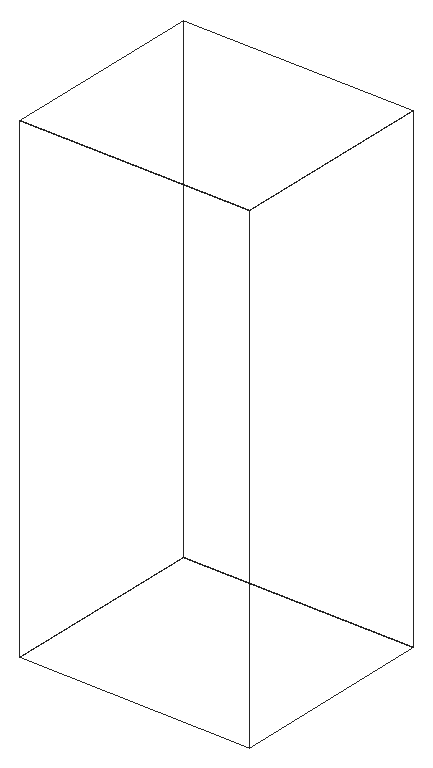
Revit family "FP-Revit20-en-RF505BRNQX1-RefrigeratorFreezer-900006117A-UK-IE-SG", category Specialty Equipment, Revit 2020
Family settings
  Round Connector Dimension = Use Diameter
  Part Type = Normal
  Work Plane-Based = No
  Always vertical = No
  Cut with Voids When Loaded = No
  Shared = No
  Room Calculation Point = No
Parameters (values of type "RF505BRNQX1")
  Water Dispenser Material = Fisher & Paykel - Black, Matte
  Vent Clearance - See planning Guide for options = 50 mm  # constant formula
  URL = "www.fisherpaykel.com"
  Product Width = 790 mm  # constant formula
  Product Height = 1726 mm  # constant formula
  Product Depth = 707 mm  # constant formula
  Model = "RF505BRNQX1\r\nRF505BRNX1, RF505BRNB1, RF505BRNQX1\r\nRF505BRNX1, RF505BRNB1, RF505BRNQX1"
  Manufacturer = "Fisher & Paykel"
  Handle Material = Fisher & Paykel - Grey, Charcoal
  Electrical Specifications = "Supply: 220V - 240V, 50Hz, Service: 10A circuit"
  Door Material [instance] = Fisher & Paykel - Stainless Steel
  Description = "Refrigerator Freezer"
  Default Elevation = 0 mm
  Clearance to sides = 20 mm  # constant formula
  Clearance to back = 30 mm  # constant formula
  Clearance = Fisher & Paykel - Clearance Required (Non-Combustible)
Reference planes
  plane 1 "Center (Front/Back)": y = 0
  plane 2: z = 0
  plane 3 "Center (Left/Right)": x = 0
  plane 4 "Left Clearance": x = -414.5
  plane 5 "Right Clearance": x = 414.5
  plane 6 "Clearance to back": y = 738
  plane 7 "Minimum door clearance": z = 1736
  plane 8 "Vent clearance": z = 1786
Forms (mm)
  Extrusion 1, solid, material "Fisher & Paykel - Clearance Required (Non-Combustible)" <- "Clearance", detail levels coarse+medium
    sketch origin (-0.07, -0.08, 0) x (0, 1, 0) y (0, 0, 1)
      loop
        line (-373.82, 579.862) -> (-374.92, 578.762) -> (-374.92, 38) -> (-310.6, 38) -> (65.08, 38) -> (65.08, 616.49) -> (-342.752, 616.49) -> (-343.656, 615.585) -> (-346.801, 582.868) -> (-347.806, 581.862) -> (-367.225, 581.862) -> (-368.068, 582.706) -> (-370.015, 594.985) -> (-371.03, 596) -> (-372.9, 596) -> (-373.82, 595) -> (-373.82, 579.862)
    from -394.93 to 395.07
  Extrusion 2, solid, material "Fisher & Paykel - Clearance Required (Non-Combustible)", detail levels coarse+medium
    sketch origin (653.135, -224.814, 0) x (0.642788, -0.766044, 0) y (0.766044, 0.642788, 0)
      loop
        line (-393.115, 0) -> (-904.131, -609.005)
        arc (-904.131, -609.005) -> (-88.881, -734.484) -> (398.86, -69.289) r 795
        line (398.86, -69.289) -> (-393.115, 0)
    from 632.1 to 1726
  Extrusion 3, void
    sketch origin (0, 0, 0) x (1, 0, 0) y (0, 1, 0)
      loop
        line (-414.5, 738) -> (-414.5, 79) -> (414.5, 79) -> (414.5, 738) -> (-414.5, 738)
    from 0 to 1736
  Extrusion 4, void
    sketch origin (0, 0, 0) x (0, 1, 0) y (0, 0, 1)
      loop
        line (738, 1736) -> (738, 1786) -> (0, 1786) -> (0, 1736) -> (738, 1736)
    from -414.5 to 414.5
  Extrusion 5, solid, material "Fisher & Paykel - Clearance Required"
    sketch origin (0, 0, 0) x (1, 0, 0) y (0, 1, 0)
      loop
        line (-414.5, 738) -> (-414.5, 0) -> (414.5, 0) -> (414.5, 738) -> (-414.5, 738)
    from 0 to 1736
Dimensions and locks
  "Clearance to sides": plane 4 "Left Clearance" to nested 1
  "Clearance to sides": nested 1 to plane 5 "Right Clearance"
  "Clearance to back": plane 6 "Clearance to back" to nested 1
  nested 1 to plane 3 "Center (Left/Right)" to nested 1 = 394.5 mm locked, 394.5 mm locked
  locked: nested 1 to plane 1 "Center (Front/Back)" at 708
  free form element to nested 1 to free form element = 395 mm locked, 395 mm locked
  nested 1 to level = 1692.5 mm
  free form element to free form element to level = 571.501 mm locked, 38.001 mm locked
  locked: Extrusion 1 sketch curve to Extrusion 1 sketch curve at 440
  locked: Extrusion 1 sketch curve to Extrusion 1 sketch curve at 578.49
  locked: Extrusion 1 sketch curve to Extrusion 1 sketch curve at 1.1
  locked: Extrusion 1 sketch curve to Extrusion 1 sketch curve at 438.9
  locked: Extrusion 1 sketch curve to Extrusion 1 sketch curve at 17.238
  locked: Extrusion 1 sketch curve to Extrusion 1 sketch curve at 15.138
  equal spacing: Extrusion 1 sketch curve, Extrusion 1 sketch curve, level
  locked: Extrusion 3 sketch curve to Extrusion 3 sketch curve at 659
  "Vent Clearance - See planning Guide for options": Extrusion 4 sketch curve to Extrusion 3
  "Product Height": Extrusion 2 to level
  nested 1 to free form element = 708 mm
  "Product Width": Extrusion 1 to Extrusion 1
  "Product Height": free form element to level
  locked: Extrusion 1 sketch curve to Extrusion 1 sketch curve (angle 14.4987°)
  locked: Extrusion 1 sketch curve to Extrusion 1 sketch curve (angle 9.00877°)
  aligned and locked: level to plane 2
  aligned and locked: Extrusion 1 sketch curve to free form element
  aligned and locked: Extrusion 1 to free form element  (x2)
  aligned and locked: Extrusion 3 sketch curve to plane 6 "Clearance to back"
  aligned and locked: Extrusion 3 sketch curve to plane 4 "Left Clearance"
  aligned and locked: Extrusion 3 sketch curve to plane 5 "Right Clearance"
  aligned and locked: plane 5 "Right Clearance" to Extrusion 4
  aligned and locked: plane 4 "Left Clearance" to Extrusion 4
  aligned and locked: Extrusion 4 to Extrusion 3  (x2)
  aligned and locked: plane 6 "Clearance to back" to Extrusion 4
  aligned and locked: Extrusion 5 sketch curve to plane 1 "Center (Front/Back)"
  aligned and locked: Extrusion 5 to plane 7 "Minimum door clearance"
Automatic sketch dimensions
  Extrusion 1 sketch curve to Extrusion 1 sketch curve = 0.92 mm
  Extrusion 1 sketch curve to Extrusion 1 sketch curve = 1.87 mm
  Extrusion 1 sketch curve to Extrusion 1 sketch curve = 1.015 mm
  Extrusion 1 sketch curve to Extrusion 1 sketch curve = 5.752 mm
  Extrusion 1 sketch curve to Extrusion 1 sketch curve = 0.843 mm  (x2)
  Extrusion 1 sketch curve to Extrusion 1 sketch curve = 19.419 mm
  Extrusion 1 sketch curve to Extrusion 1 sketch curve = 1.005 mm  (x2)
  Extrusion 1 sketch curve to Extrusion 1 sketch curve = 3.145 mm
  Extrusion 1 sketch curve to Extrusion 1 sketch curve = 0.904 mm
  Extrusion 1 sketch curve to Extrusion 1 sketch curve = 64.319 mm
  Extrusion 1 sketch curve to Extrusion 1 sketch curve = 37.727 mm
  Extrusion 1 sketch curve to Extrusion 1 sketch curve = 1.1 mm
  Extrusion 1 sketch curve to Extrusion 1 sketch curve = 2 mm
  level to Extrusion 1 sketch curve = 38 mm
  Extrusion 2 sketch curve to plane 5 "Right Clearance" = 14.054 mm
  Extrusion 2 sketch curve to plane 1 "Center (Front/Back)" = 76.329 mm
  Extrusion 2 sketch curve to Extrusion 2 sketch curve = 511.016 mm
  Extrusion 2 sketch curve to Extrusion 2 sketch curve = 0 mm  (x3)
  Extrusion 2 sketch curve to Extrusion 2 sketch curve = 69.289 mm
  Extrusion 2 sketch curve to Extrusion 2 sketch curve = 609.005 mm
  Extrusion 4 sketch curve to plane 1 "Center (Front/Back)" = 0 mm
  Extrusion 4 sketch curve to plane 6 "Clearance to back" = 0 mm
  Extrusion 4 sketch curve to plane 7 "Minimum door clearance" = 0 mm
  Extrusion 5 sketch curve to plane 4 "Left Clearance" = 0 mm
  Extrusion 5 sketch curve to plane 5 "Right Clearance" = 0 mm
  Extrusion 5 sketch curve to plane 6 "Clearance to back" = 0 mm
Nested families
  nested 1: "PRT0001" at (0, 78, 25.15), type "PRT0001"
Connectors
  electrical at (44, 669.681, 1708.825)
    settings: on nested 1, index 1, voltage 0 V, apparent load 0 VA, apparent load phase1 0 VA, apparent load phase2 0 VA, apparent load phase3 0 VA, power factor 1, load classification "Other", number of poles 1, system type 31, power factor state 1, is connector primary yes, connector utility no, sub classification motor no, connector description ""
Definition of nested family "PRT0001"
  Parameters (values of type "PRT0001")
    Default Elevation = 1219.2 mm
    Chassis Material [instance] = none
  Reference planes
    plane 1 "Center (Front/Back)": y = 0
    plane 2: z = 0
    plane 3 "Center (Left/Right)": x = 0
  Dimensions and locks
    aligned and locked: plane 2 to level
